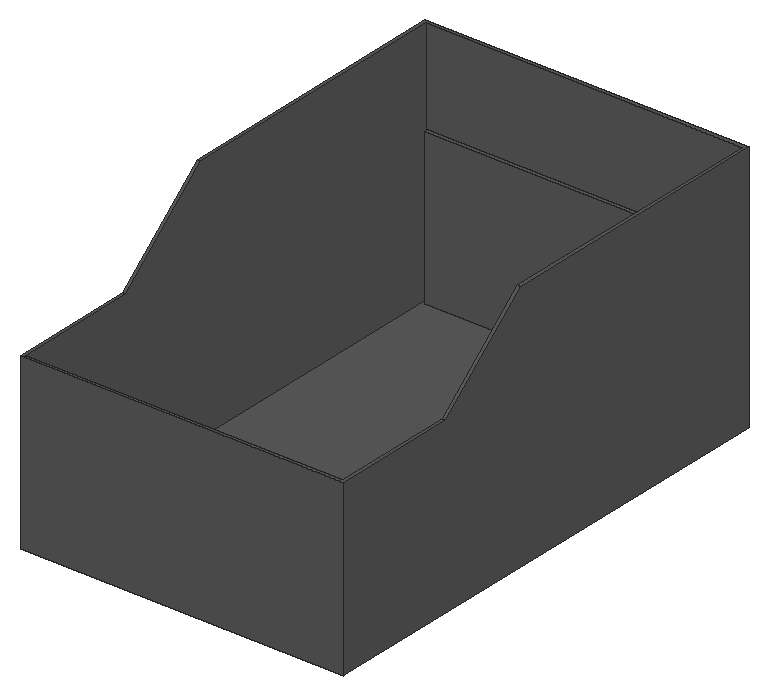
Revit family "BR-AV2", category Устройства связи, Revit 2016
Family settings
  Сохранять ориентацию аннотаций = Нет
  Тип детали = Нормальный
  Размер круглого соединителя = Использовать диаметр
  На основе рабочей плоскости = Да
  Всегда вертикально = Нет
  При загрузке вырезать с полостями = Нет
  Общий = Да
  Точка расчета площади = Нет
Parameters (values of type "BR-AV2")
  Цвет = "Черный"  # constant formula
  Размер = "161х103х80 мм"  # constant formula
  Default Elevation = 0 mm
  Описание = "Кронштейн для накладного монтажа с козырьком для индивидуальных панелей AV-02, AV-02FP, AV-02IC."  # constant formula
  Материал корпуса = SHV_Краска Черная
  Изображение типоразмера = <Нет>
  Изготовитель = "BAS-IP"  # constant formula
  Группа модели = "Кронштейн"  # constant formula
  URL = "https://www.bas-ip.ru"
  Email = "support@bimlib.ru"  # constant formula
  BIM library = "https://bimlib.ru/manufacturer/"  # constant formula
  ADSK_Размер_Ширина = 161 mm  # constant formula
  ADSK_Размер_Толщина = 80 mm  # constant formula
  ADSK_Размер_Длина = 103 mm  # constant formula
  ADSK_Примечание = ""
  ADSK_Позиция = ""
  ADSK_Обозначение = ""
  ADSK_Наименование краткое = ADSK_Марка  # "BR-AV2"
  ADSK_Наименование = "КРОНШТЕЙН BR-AV2"
  ADSK_Масса_Текст = ""
  ADSK_Марка = "BR-AV2"
  ADSK_Код изделия = ""
  ADSK_Зона = ""
  ADSK_Завод-изготовитель = Изготовитель  # "BAS-IP"
  ADSK_Единица измерения = "шт"  # constant formula
  ADSK_Версия Revit = "Revit 2016"  # constant formula
  ADSK_URL страницы изделия = "https://www.bas-ip.ru/catalog/accessories/bas-ip-br-av2/"
  ADSK_URL документации изделия = ""
Reference planes
  plane 1 "По центру (Вперед/Назад)": y = 0
  plane 2: z = 0
  plane 3 "По центру (Влево/Вправо)": x = 0
  plane 4: x = -51.5
  plane 5: y = 80.5
  plane 6: x = 51.5
  plane 7: y = -80.5
  plane 8: z = 1
  plane 9 "Плоскость для коннекторов": z = 0
  plane 10: y = 79.5
  plane 11: y = -79.5
  plane 12: y = 79
  plane 13: y = 78
  plane 14: y = -79
  plane 15: y = -78
  plane 16: z = 80
  plane 17: x = -49.5
  plane 18: x = 49.5
  plane 19: z = 50
  plane 20: z = 55
  plane 21: x = -50.5
  plane 22: x = 50.5
Forms (mm)
  Extrusion 1, solid, material "SHV_Краска Черная" <- "Материал корпуса", detail levels medium+fine
    sketch origin (0, 0, 0) x (1, 0, 0) y (0, 1, 0)
      loop
        line (-51.5, 80.5) -> (-51.5, -80.5) -> (51.5, -80.5) -> (51.5, 80.5) -> (-51.5, 80.5)
    from 0 to 1
  Extrusion 2, solid, material "SHV_Краска Черная" <- "Материал корпуса", detail levels medium+fine
    sketch origin (0, 0, 0) x (1, 0, 0) y (0, 1, 0)
      loop
        line (-51.5, 80.5) -> (-51.5, 79.5) -> (51.5, 79.5) -> (51.5, 80.5) -> (-51.5, 80.5)
    from 0 to 80
  Extrusion 3, solid, material "SHV_Краска Черная" <- "Материал корпуса", detail levels medium+fine
    sketch origin (0, 0, 0) x (1, 0, 0) y (0, 1, 0)
      loop
        line (-49.5, 79) -> (-49.5, 78) -> (49.5, 78) -> (49.5, 79) -> (-49.5, 79)
    from 0 to 50
  Extrusion 4, solid, material "SHV_Краска Черная" <- "Материал корпуса", detail levels medium+fine
    sketch origin (0, 0, 0) x (1, 0, 0) y (0, 1, 0)
      loop
        line (-49.5, -78) -> (-49.5, -79) -> (49.5, -79) -> (49.5, -78) -> (-49.5, -78)
    from 0 to 50
  Extrusion 5, solid, material "SHV_Краска Черная" <- "Материал корпуса", detail levels medium+fine
    sketch origin (0, 0, 0) x (1, 0, 0) y (0, 1, 0)
      loop
        line (-51.5, -79.5) -> (-51.5, -80.5) -> (51.5, -80.5) -> (51.5, -79.5) -> (-51.5, -79.5)
    from 0 to 55
  Extrusion 6, solid, material "SHV_Краска Черная" <- "Материал корпуса", detail levels medium+fine
    sketch origin (-51.5, 73.101, 1200) x (0, 1, 0) y (0, 0, 1)
      loop
        line (7.399, -1200) -> (7.399, -1120) -> (-83.101, -1120) -> (-112.895, -1145) -> (-153.601, -1145) -> (-153.601, -1200) -> (7.399, -1200)
    from 0 to 1
  Extrusion 7, solid, material "SHV_Краска Черная" <- "Материал корпуса", detail levels medium+fine
    sketch origin (50.5, 173.776, 1200) x (0, 1, 0) y (0, 0, 1)
      loop
        line (-93.276, -1120) -> (-183.776, -1120) -> (-213.57, -1145) -> (-254.276, -1145) -> (-254.276, -1200) -> (-93.276, -1200) -> (-93.276, -1120)
    from 0 to 1
Cuts and joins
  joined: Extrusion 1, Extrusion 2, Extrusion 3, Extrusion 4, Extrusion 5, Extrusion 6, Extrusion 7
Lines and regions (mm)
  model lines, detail levels coarse
    curve 1: line (-51.5, 80.5, 0) -> (51.5, 80.5, 0)
    curve 2: line (-51.5, -80.5, 0) -> (-51.5, 80.5, 0)
    curve 3: line (51.5, -80.5, 0) -> (-51.5, -80.5, 0)
    curve 4: line (51.5, 80.5, 0) -> (51.5, -80.5, 0)
Dimensions and locks
  equal spacing: plane 4, plane 3 "По центру (Влево/Вправо)", plane 6
  "ADSK_Размер_Длина": plane 4 to plane 6
  "ADSK_Размер_Ширина": plane 5 to plane 7
  equal spacing: plane 5, plane 1 "По центру (Вперед/Назад)", plane 7
  locked: plane 8 to plane 2 at 1
  locked: plane 5 to plane 10 at 1
  locked: plane 11 to plane 7 at 1
  locked: plane 12 to plane 13 at 1
  locked: plane 15 to plane 14 at 1
  equal spacing: plane 13, plane 1 "По центру (Вперед/Назад)", plane 15
  plane 13 to plane 15 = 156 mm
  "ADSK_Размер_Толщина": plane 16 to plane 9 "Плоскость для коннекторов"
  equal spacing: plane 17, plane 3 "По центру (Влево/Вправо)", plane 18
  plane 17 to plane 18 = 99 mm
  plane 19 to plane 9 "Плоскость для коннекторов" = 50 mm
  plane 20 to plane 9 "Плоскость для коннекторов" = 55 mm
  plane 1 "По центру (Вперед/Назад)" to Extrusion 6 sketch curve = 10 mm
  locked: plane 22 to plane 6 at 1
  locked: plane 4 to plane 21 at 1
  angle plane 1 "По центру (Вперед/Назад)" to Extrusion 6 sketch curve = 50.00°
  aligned and locked: level to plane 2
  aligned and locked: Extrusion 1 sketch curve to plane 4
  aligned and locked: Extrusion 1 sketch curve to plane 5
  aligned and locked: Extrusion 1 sketch curve to plane 6
  aligned and locked: Extrusion 1 sketch curve to plane 7
  aligned and locked: curve 1 to Extrusion 1
  aligned and locked: curve 2 to Extrusion 1
  aligned and locked: curve 3 to Extrusion 1
  aligned and locked: curve 4 to Extrusion 1
  aligned and locked: plane 8 to Extrusion 1
  aligned and locked: Extrusion 1 to plane 9 "Плоскость для коннекторов"
  aligned and locked: Extrusion 2 sketch curve to plane 5
  aligned and locked: Extrusion 2 sketch curve to plane 10
  aligned and locked: Extrusion 2 sketch curve to plane 4
  aligned and locked: Extrusion 2 sketch curve to plane 6
  aligned and locked: Extrusion 2 to plane 16
  aligned and locked: Extrusion 2 to level
  aligned and locked: Extrusion 3 sketch curve to plane 17
  aligned and locked: Extrusion 3 sketch curve to plane 12
  aligned and locked: Extrusion 3 sketch curve to plane 13
  aligned and locked: Extrusion 3 sketch curve to plane 18
  aligned and locked: plane 19 to Extrusion 3
  aligned and locked: Extrusion 3 to level
  aligned and locked: Extrusion 4 sketch curve to plane 15
  aligned and locked: Extrusion 4 sketch curve to plane 14
  aligned and locked: Extrusion 4 sketch curve to plane 17
  aligned and locked: Extrusion 4 sketch curve to plane 18
  aligned and locked: Extrusion 4 to Extrusion 3
  aligned and locked: Extrusion 4 to level
  aligned and locked: Extrusion 5 sketch curve to plane 11
  aligned and locked: Extrusion 5 sketch curve to plane 7
  aligned and locked: Extrusion 5 sketch curve to plane 6
  aligned and locked: Extrusion 5 sketch curve to plane 4
  aligned and locked: plane 20 to Extrusion 5
  aligned and locked: Extrusion 5 to level
  aligned and locked: plane 5 to Extrusion 6 sketch curve
  aligned and locked: plane 7 to Extrusion 6 sketch curve
  aligned and locked: plane 9 "Плоскость для коннекторов" to Extrusion 6 sketch curve
  aligned and locked: plane 16 to Extrusion 6 sketch curve
  aligned and locked: plane 20 to Extrusion 6 sketch curve
  aligned and locked: Extrusion 6 to plane 4
  aligned and locked: Extrusion 6 to plane 21
  aligned and locked: Extrusion 6 to Extrusion 1
  aligned and locked: Extrusion 7 sketch curve to plane 5
  aligned and locked: Extrusion 7 sketch curve to plane 16
  aligned and locked: Extrusion 7 sketch curve to plane 20
  aligned and locked: Extrusion 7 sketch curve to plane 7
  aligned and locked: Extrusion 7 sketch curve to plane 9 "Плоскость для коннекторов"
  aligned and locked: Extrusion 7 sketch curve to Extrusion 6
  aligned and locked: Extrusion 7 to plane 22
  aligned and locked: plane 6 to Extrusion 7
